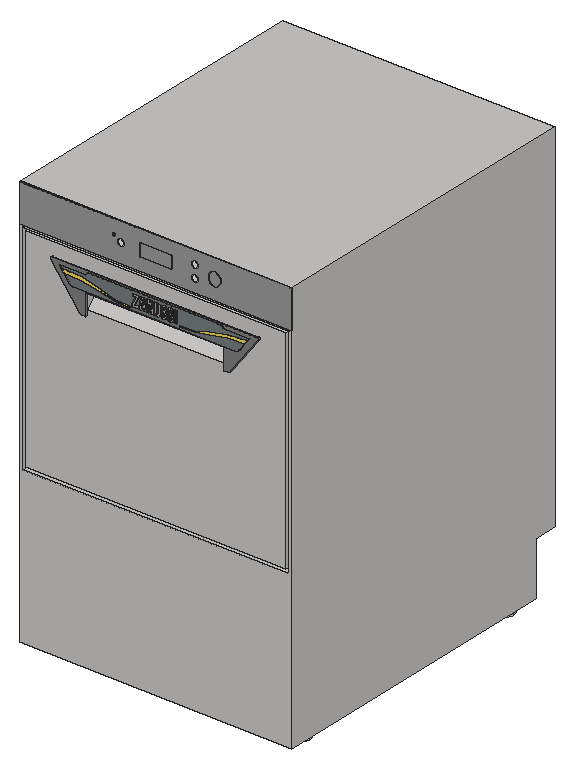
Revit family "QF_ZANUSSI_402191_ZTGWSG1S", category Attrezzature speciali, Revit 2021
Family settings
  Quota connettore circolare = Usa diametro
  Tipo di parte = Normale
  Basato su piano di lavoro = No
  Sempre verticale = Sì
  Taglio con vuoti quando caricato = No
  Condiviso = No
  Punto di calcolo locali = No
Parameters (values of type "Standard")
  Weight = 38.00 kg
  Watts = 2700 W
  Volts = 220 V
  URL Manufacturer = "http://www.zanussiprofessional.com"
  URL = "http://www.zanussiprofessional.com"
  Steam Supply Size = 0 mm
  Steam Supply Minimum Pressure = 0.0 Pa
  Steam Supply Maximum Pressure = 0.0 Pa
  Steam Consumption per Hour = 0
  Show Logo [instance] = yes
  Show Clearance [instance] = yes
  Refrigeration Suction Line Size = 0 mm
  Refrigeration Liquid Line Size = 0 mm
  Refrigerant Compressor Remote = yes
  Produttore = "Zanussi"
  Phase = 1
  Modello = "ZTGWSG1S"
  Length Actual = 455 mm  # constant formula
  Item Number = "402191"
  Hot Water Size = 0 mm
  Height Actual = 700 mm  # constant formula
  HP = "3.6 HP"
  Gas Size = 0 mm
  Gas KW = 0
  Gas Input Pressure = 0 W
  Direct Waste Size = 29 mm
  Descrizione = "UC GLASSWASHER (S), ELECTRONIC, SINGLE SKIN, PRESSURE, RINSE AID+DET.PUMP, DRAIN P, TANK FILTER, 40R/H, 230V/1/50,SCHUKO"
  Prospetto di default = 0 mm
  Depth Actual = 550 mm  # constant formula
  Cycle = 50 Hz
  Condensate Return Size = 0 mm
  Compressed Air Volume = 0.0 L/s
  Compressed Air Size = 0 mm
  Compressed Air Pressure = 0.0 Pa
  Cold Water Size = 19.05 mm
  Accessory = yes
Reference planes
  plane 1 "Center (Front/Back)": y = 0
  plane 2: z = 0
  plane 3 "Center (Left/Right)": x = 0
  plane 4 "LEFT": x = -227.5
  plane 5 "RIGHT": x = 227.5
  plane 6 "FRONT": y = -275
  plane 7 "BACK": y = 275
  plane 8: z = 700
  plane 9: z = 10
  plane 10: y = 236
  plane 11 "2": y = -274
Forms (mm)
  Extrusion 1, solid, material "QF_Finishes_Stainless Steel", detail levels medium+fine
    sketch origin (0, 0, 0) x (1, 0, 0) y (0, 1, 0)
      loop
        line (-227.5, -275) -> (227.5, -275) -> (227.5, 236) -> (-227.5, 236) -> (-227.5, -275)
    from 10 to 700
  Extrusion 2, solid, material "QF_Finishes_Stainless Steel", detail levels medium+fine
    sketch origin (0, 0, 0) x (1, 0, 0) y (0, 1, 0)
      loop
        line (-227.5, 236) -> (227.5, 236) -> (227.5, 275) -> (-227.5, 275) -> (-227.5, 236)
    from 100 to 700
  Extrusion 3, solid, material "QF_Finishes_Stainless Steel", detail levels fine
    sketch origin (0, 0, 0) x (1, 0, 0) y (0, 1, 0)
      loop
        circle (-208, 198) r 12.5
      loop
        circle (208, 198) r 12.5
      loop
        circle (-208, -228) r 12.5
      loop
        circle (208, -228) r 12.5
    from 0 to 10
  Extrusion 4, void
    sketch origin (-227.5, -275, 0) x (-1, 0, 0) y (0, 0, 1)
      loop
        line (-5, 634.145) -> (-450, 634.145) -> (-450, 270) -> (-5, 270) -> (-5, 634.145)
    from 0 to 30
  Extrusion 5, solid, material "QF_Finishes_Stainless Steel"
    sketch origin (-212, -392, 752) x (0, 0, -1) y (1, 0, 0)
      loop
        circle (693, 215.5) r 10
    from -628 to -667
  Extrusion 6, solid, material "QF_Finishes_Stainless Steel"
    sketch origin (-432.481, -392, 722) x (0, 0, -1) y (1, 0, 0)
      loop
        circle (663, 324.981) r 8
    from -628 to -667
  Extrusion 7, solid, material "QF_Finishes_Stainless Steel"
    sketch origin (-268, -392, 682.5) x (0, 0, -1) y (1, 0, 0)
      loop
        circle (663, 230.5) r 8
    from -628 to -667
  Extrusion 8, solid, material "QF_Finishes_Stainless Steel"
    sketch origin (-50.5, 508.026, -145.045) x (0, -1, 0) y (0, 0, 1)
      loop
        line (755.578, 774.145) -> (755.578, 420.045) -> (783.026, 420.045) -> (783.026, 774.145) -> (755.578, 774.145)
    from -268.245 to 167
  Extrusion 9, solid, material "QF_Finishes_Grey"
    sketch origin (1109.779, -277.6, -140) x (-1, 0, 0) y (0, 0, 1)
      loop
        line (1224.779, 677.936) -> (1231.15, 677.936)
        arc (1231.15, 677.936) -> (1234.782, 678.808) -> (1237.622, 681.234) r 8
        line (1237.622, 681.234) -> (1283.237, 744.017)
        arc (1283.237, 744.017) -> (1283.404, 746.136) -> (1281.591, 747.247) r 2.035
        line (1281.591, 747.247) -> (937.967, 747.247)
        arc (937.967, 747.247) -> (936.154, 746.136) -> (936.321, 744.017) r 2.035
        line (936.321, 744.017) -> (981.935, 681.234)
        arc (981.935, 681.234) -> (984.775, 678.808) -> (988.407, 677.936) r 8
        line (988.407, 677.936) -> (994.779, 677.936) -> (994.779, 712.928) -> (1224.779, 712.928) -> (1224.779, 677.936)
      loop
        line (1252.743, 719.058) -> (1268.137, 740.247) -> (1224.779, 740.247) -> (1221.329, 745.174) -> (998.229, 745.174) -> (994.779, 740.247) -> (951.42, 740.247) -> (966.815, 719.058)
        arc (966.815, 719.058) -> (970.365, 716.026) -> (974.905, 714.936) r 10
        line (974.905, 714.936) -> (1244.653, 714.936)
        arc (1244.653, 714.936) -> (1249.192, 716.026) -> (1252.743, 719.058) r 10
    from 2.6 to 0.6
  Extrusion 10, solid, material "QF_Door-Drawer Clearances", detail levels coarse
    sketch origin (-50.5, 469.81, -129.52) x (0, -1, 0) y (0, 0, 1)
      loop
        arc (1151.948, 404.52) -> (1007.811, 649.792) -> (744.81, 758.257) r 446.578
        line (744.81, 758.257) -> (744.81, 404.52) -> (1151.948, 404.52)
    from -268.245 to 167
  Extrusion 11, void
    sketch origin (680, -275, 0) x (-1, 0, 0) y (0, 0, 1)
      loop
        line (907.5, 700) -> (452.5, 700) -> (452.5, 635.697) -> (907.5, 635.697) -> (907.5, 700)
    from 0 to 1
  Extrusion 12, void
    sketch origin (-227.5, 0, 0) x (0, 1, 0) y (0, 0, 1)
      loop
        line (-275, 607.247) -> (-275, 546.753) -> (-254.506, 567.247) -> (-254.506, 607.247) -> (-275, 607.247)
    from 112.5 to 342.5
  Extrusion 13, solid, material "QF_Finishes_Zanussi_Dark Gray"
    sketch origin (1109.779, -277.552, -140) x (-1, 0, 0) y (0, 0, 1)
      loop
        arc (1244.653, 714.936) -> (1249.192, 716.026) -> (1252.743, 719.058) r 10
        line (1252.743, 719.058) -> (1261.069, 730.518)
        arc (1261.069, 730.518) -> (1231.688, 728.995) -> (1202.67, 724.145) r 258.665
        arc (1202.67, 724.145) -> (1177.172, 718.988) -> (1151.199, 717.527) r 181.648
        line (1151.199, 717.527) -> (1151.199, 719.365)
        arc (1151.199, 719.365) -> (1175.804, 720.821) -> (1199.739, 726.707) r 135.575
        arc (1199.739, 726.707) -> (1232.367, 734.852) -> (1265.915, 737.189) r 192.294
        line (1265.915, 737.189) -> (1268.137, 740.247) -> (1224.779, 740.247) -> (1221.329, 745.174) -> (998.229, 745.174) -> (994.779, 740.247) -> (951.42, 740.247) -> (953.642, 737.189)
        arc (953.642, 737.189) -> (987.19, 734.852) -> (1019.818, 726.707) r 192.294
        arc (1019.818, 726.707) -> (1043.754, 720.821) -> (1068.359, 719.365) r 135.575
        line (1068.359, 719.365) -> (1068.359, 717.527)
        arc (1068.359, 717.527) -> (1042.385, 718.988) -> (1016.887, 724.145) r 181.648
        arc (1016.887, 724.145) -> (987.869, 728.995) -> (958.489, 730.518) r 258.665
        line (958.489, 730.518) -> (966.815, 719.058)
        arc (966.815, 719.058) -> (970.365, 716.026) -> (974.905, 714.936) r 10
        line (974.905, 714.936) -> (1244.653, 714.936)
      loop
        line (1136.811, 720.343) -> (1147.298, 720.343) -> (1147.298, 724.376) -> (1141.536, 736.476) -> (1146.837, 736.361) -> (1146.837, 740.048) -> (1136.811, 740.048) -> (1136.811, 736.706) -> (1142.86, 724.376) -> (1136.811, 724.376) -> (1136.811, 720.343)
      loop
        line (1131.023, 727.718) -> (1129.87, 736.68) -> (1128.718, 727.718) -> (1131.023, 727.718)
      loop
        line (1132.06, 720.343) -> (1136.208, 720.343) -> (1132.636, 740.048) -> (1127.105, 740.048) -> (1123.417, 720.343) -> (1127.566, 720.343) -> (1128.142, 724.145) -> (1131.484, 724.145) -> (1132.06, 720.343)
      loop
        line (1122.906, 740.048) -> (1118.643, 740.048) -> (1115.301, 727.487) -> (1115.301, 740.048) -> (1111.613, 740.048) -> (1111.613, 720.343) -> (1115.992, 720.343) -> (1119.334, 733.364) -> (1119.334, 720.343) -> (1122.906, 720.343) -> (1122.906, 740.048)
      loop
        line (1110.691, 725.216) -> (1110.691, 740.048) -> (1106.658, 740.048) -> (1106.658, 725.067)
        arc (1106.658, 725.067) -> (1105.298, 724.191) -> (1104.238, 725.413) r 1.235
        line (1104.238, 725.413) -> (1104.238, 740.048) -> (1100.205, 740.048) -> (1100.205, 724.491)
        arc (1100.205, 724.491) -> (1105.762, 720.311) -> (1110.691, 725.216) r 5.31
      loop
        line (1092.714, 733.825) -> (1092.714, 735.968)
        arc (1092.714, 735.968) -> (1094.339, 737.106) -> (1095.477, 735.482) r 1.402
        arc (1095.477, 735.482) -> (1095.156, 734.577) -> (1094.558, 733.825) r 2.907
        line (1094.558, 733.825) -> (1090.138, 729.847)
        arc (1090.138, 729.847) -> (1088.719, 726.858) -> (1088.799, 723.55) r 7.142
        arc (1088.799, 723.55) -> (1093.224, 720.347) -> (1098.478, 721.843) r 6.254
        arc (1098.478, 721.843) -> (1099.59, 724.436) -> (1099.629, 727.257) r 7.254
        line (1099.629, 727.257) -> (1095.606, 727.257)
        arc (1095.606, 727.257) -> (1095.588, 726.763) -> (1095.606, 726.269) r 7.151
        arc (1095.606, 726.269) -> (1095.624, 725.746) -> (1095.606, 725.223) r 7.57
        arc (1095.606, 725.223) -> (1095.371, 724.481) -> (1094.824, 723.927) r 1.659
        arc (1094.824, 723.927) -> (1093.007, 724.341) -> (1092.814, 726.195) r 1.601
        arc (1092.814, 726.195) -> (1093.594, 727.256) -> (1094.598, 728.108) r 5.667
        line (1094.598, 728.108) -> (1096.297, 729.614)
        arc (1096.297, 729.614) -> (1097.81, 731.196) -> (1099.043, 733.005) r 13.293
        arc (1099.043, 733.005) -> (1099.229, 736.278) -> (1097.728, 739.192) r 6.231
        arc (1097.728, 739.192) -> (1094.047, 740.392) -> (1090.367, 739.192) r 6.244
        arc (1090.367, 739.192) -> (1089.114, 737.614) -> (1088.849, 735.617) r 3.784
        line (1088.849, 735.617) -> (1088.912, 733.825) -> (1092.714, 733.825)
      loop
        line (1081.221, 733.825) -> (1081.221, 735.968)
        arc (1081.221, 735.968) -> (1082.846, 737.106) -> (1083.984, 735.482) r 1.402
        arc (1083.984, 735.482) -> (1083.663, 734.577) -> (1083.065, 733.825) r 2.907
        line (1083.065, 733.825) -> (1078.645, 729.847)
        arc (1078.645, 729.847) -> (1077.226, 726.858) -> (1077.306, 723.55) r 7.142
        arc (1077.306, 723.55) -> (1081.731, 720.347) -> (1086.985, 721.843) r 6.254
        arc (1086.985, 721.843) -> (1088.097, 724.436) -> (1088.136, 727.257) r 7.254
        line (1088.136, 727.257) -> (1084.113, 727.257)
        arc (1084.113, 727.257) -> (1084.095, 726.763) -> (1084.113, 726.269) r 7.151
        arc (1084.113, 726.269) -> (1084.131, 725.746) -> (1084.113, 725.223) r 7.57
        arc (1084.113, 725.223) -> (1083.878, 724.481) -> (1083.331, 723.927) r 1.659
        arc (1083.331, 723.927) -> (1081.514, 724.341) -> (1081.321, 726.195) r 1.601
        arc (1081.321, 726.195) -> (1082.101, 727.256) -> (1083.105, 728.108) r 5.667
        line (1083.105, 728.108) -> (1084.804, 729.614)
        arc (1084.804, 729.614) -> (1086.317, 731.196) -> (1087.55, 733.005) r 13.293
        arc (1087.55, 733.005) -> (1087.736, 736.278) -> (1086.235, 739.192) r 6.231
        arc (1086.235, 739.192) -> (1082.554, 740.392) -> (1078.874, 739.192) r 6.244
        arc (1078.874, 739.192) -> (1077.621, 737.614) -> (1077.356, 735.617) r 3.784
        line (1077.356, 735.617) -> (1077.419, 733.825) -> (1081.221, 733.825)
      loop
        line (1076.581, 740.048) -> (1072.548, 740.048) -> (1072.548, 720.343) -> (1076.581, 720.343) -> (1076.581, 740.048)
    from 0 to 2.552
  Extrusion 14, solid, material "QF_Finishes_Zanussi_Soft Gray"
    sketch origin (1109.779, -277.552, -140) x (-1, 0, 0) y (0, 0, 1)
      loop
        line (1136.811, 720.252) -> (1147.298, 720.252) -> (1147.298, 724.286) -> (1141.536, 736.385) -> (1146.837, 736.27) -> (1146.837, 739.958) -> (1136.811, 739.958) -> (1136.811, 736.616) -> (1142.86, 724.286) -> (1136.811, 724.286) -> (1136.811, 720.252)
      loop
        line (1131.023, 727.627) -> (1129.87, 736.59) -> (1128.718, 727.627) -> (1131.023, 727.627)
      loop
        line (1132.06, 720.252) -> (1136.208, 720.252) -> (1132.636, 739.958) -> (1127.105, 739.958) -> (1123.417, 720.252) -> (1127.566, 720.252) -> (1128.142, 724.055) -> (1131.484, 724.055) -> (1132.06, 720.252)
      loop
        line (1122.906, 739.958) -> (1118.643, 739.958) -> (1115.301, 727.397) -> (1115.301, 739.958) -> (1111.613, 739.958) -> (1111.613, 720.252) -> (1115.992, 720.252) -> (1119.334, 733.274) -> (1119.334, 720.252) -> (1122.906, 720.252) -> (1122.906, 739.958)
      loop
        line (1110.691, 725.126) -> (1110.691, 739.958) -> (1106.658, 739.958) -> (1106.658, 724.977)
        arc (1106.658, 724.977) -> (1105.298, 724.1) -> (1104.238, 725.323) r 1.235
        line (1104.238, 725.323) -> (1104.238, 739.958) -> (1100.205, 739.958) -> (1100.205, 724.401)
        arc (1100.205, 724.401) -> (1105.762, 720.22) -> (1110.691, 725.126) r 5.31
      loop
        line (1092.714, 733.735) -> (1092.714, 735.878)
        arc (1092.714, 735.878) -> (1094.339, 737.016) -> (1095.477, 735.392) r 1.402
        arc (1095.477, 735.392) -> (1095.156, 734.486) -> (1094.558, 733.735) r 2.907
        line (1094.558, 733.735) -> (1090.138, 729.757)
        arc (1090.138, 729.757) -> (1088.719, 726.767) -> (1088.799, 723.46) r 7.142
        arc (1088.799, 723.46) -> (1093.224, 720.257) -> (1098.478, 721.753) r 6.254
        arc (1098.478, 721.753) -> (1099.59, 724.346) -> (1099.629, 727.167) r 7.254
        line (1099.629, 727.167) -> (1095.606, 727.167)
        arc (1095.606, 727.167) -> (1095.588, 726.672) -> (1095.606, 726.178) r 7.151
        arc (1095.606, 726.178) -> (1095.624, 725.655) -> (1095.606, 725.132) r 7.57
        arc (1095.606, 725.132) -> (1095.371, 724.39) -> (1094.824, 723.837) r 1.659
        arc (1094.824, 723.837) -> (1093.007, 724.251) -> (1092.814, 726.104) r 1.601
        arc (1092.814, 726.104) -> (1093.594, 727.165) -> (1094.598, 728.017) r 5.667
        line (1094.598, 728.017) -> (1096.297, 729.523)
        arc (1096.297, 729.523) -> (1097.81, 731.106) -> (1099.043, 732.915) r 13.293
        arc (1099.043, 732.915) -> (1099.229, 736.187) -> (1097.728, 739.101) r 6.231
        arc (1097.728, 739.101) -> (1094.047, 740.302) -> (1090.367, 739.101) r 6.244
        arc (1090.367, 739.101) -> (1089.114, 737.523) -> (1088.849, 735.526) r 3.784
        line (1088.849, 735.526) -> (1088.912, 733.735) -> (1092.714, 733.735)
      loop
        line (1081.221, 733.735) -> (1081.221, 735.878)
        arc (1081.221, 735.878) -> (1082.846, 737.016) -> (1083.984, 735.392) r 1.402
        arc (1083.984, 735.392) -> (1083.663, 734.486) -> (1083.065, 733.735) r 2.907
        line (1083.065, 733.735) -> (1078.645, 729.757)
        arc (1078.645, 729.757) -> (1077.226, 726.767) -> (1077.306, 723.46) r 7.142
        arc (1077.306, 723.46) -> (1081.731, 720.257) -> (1086.985, 721.753) r 6.254
        arc (1086.985, 721.753) -> (1088.097, 724.346) -> (1088.136, 727.167) r 7.254
        line (1088.136, 727.167) -> (1084.113, 727.167)
        arc (1084.113, 727.167) -> (1084.095, 726.672) -> (1084.113, 726.178) r 7.151
        arc (1084.113, 726.178) -> (1084.131, 725.655) -> (1084.113, 725.132) r 7.57
        arc (1084.113, 725.132) -> (1083.878, 724.39) -> (1083.331, 723.837) r 1.659
        arc (1083.331, 723.837) -> (1081.514, 724.251) -> (1081.321, 726.104) r 1.601
        arc (1081.321, 726.104) -> (1082.101, 727.165) -> (1083.105, 728.017) r 5.667
        line (1083.105, 728.017) -> (1084.804, 729.523)
        arc (1084.804, 729.523) -> (1086.317, 731.106) -> (1087.55, 732.915) r 13.293
        arc (1087.55, 732.915) -> (1087.736, 736.187) -> (1086.235, 739.101) r 6.231
        arc (1086.235, 739.101) -> (1082.554, 740.302) -> (1078.874, 739.101) r 6.244
        arc (1078.874, 739.101) -> (1077.621, 737.523) -> (1077.356, 735.526) r 3.784
        line (1077.356, 735.526) -> (1077.419, 733.735) -> (1081.221, 733.735)
      loop
        line (1076.581, 739.958) -> (1072.548, 739.958) -> (1072.548, 720.252) -> (1076.581, 720.252) -> (1076.581, 739.958)
    from 0 to 2.552
  Extrusion 15, solid, material "QF_Finishes_Zanussi_Yellow"
    sketch origin (1109.779, -277.552, -140) x (-1, 0, 0) y (0, 0, 1)
      loop
        line (1261.069, 730.518) -> (1265.915, 737.189)
        arc (1265.915, 737.189) -> (1232.367, 734.852) -> (1199.739, 726.707) r 192.294
        arc (1199.739, 726.707) -> (1175.804, 720.821) -> (1151.199, 719.365) r 135.575
        line (1151.199, 719.365) -> (1151.199, 717.527)
        arc (1151.199, 717.527) -> (1177.172, 718.988) -> (1202.67, 724.145) r 181.648
        arc (1202.67, 724.145) -> (1231.688, 728.995) -> (1261.069, 730.518) r 258.665
      loop
        line (953.642, 737.189) -> (958.489, 730.518)
        arc (958.489, 730.518) -> (987.869, 728.995) -> (1016.887, 724.145) r 258.665
        arc (1016.887, 724.145) -> (1042.385, 718.988) -> (1068.359, 717.527) r 181.648
        line (1068.359, 717.527) -> (1068.359, 719.365)
        arc (1068.359, 719.365) -> (1043.754, 720.821) -> (1019.818, 726.707) r 135.575
        arc (1019.818, 726.707) -> (987.19, 734.852) -> (953.642, 737.189) r 192.294
    from 0 to 2.552
Cuts and joins
  Extrusion 4, Extrusion 11, Extrusion 12 cuts Extrusion 1
  Extrusion 11, Extrusion 12 cuts Extrusion 2
  joined: Extrusion 1, Extrusion 2
  Extrusion 12 cuts Extrusion 8
  Extrusion 12 cuts Extrusion 9
  Extrusion 12 cuts Extrusion 10
Lines and regions (mm)
  symbolic lines
    curve 1: line (-227.5, 275, 0) -> (227.5, 275, 0)
    curve 2: line (-227.5, -275, 0) -> (-227.5, 275, 0)
    curve 3: line (227.5, -275, 0) -> (-227.5, -275, 0)
    curve 4: line (227.5, 275, 0) -> (227.5, -275, 0)
    curve 8: line (-222.5, -275, 0) -> (222.5, -275, 0)
    curve 9: line (-222.5, -245, 0) -> (-222.5, -275, 0)
    curve 10: line (222.5, -245, 0) -> (-222.5, -245, 0)
    curve 11: line (222.5, -275, 0) -> (222.5, -245, 0)
  symbolic lines, style "QF_Door-Drawer Clearances"
    curve 5: line (-217.5, -682.138, 0) -> (217.5, -682.138, 0)
    curve 6: line (217.5, -682.138, 0) -> (217.5, -275, 0)
    curve 7: line (-217.5, -682.138, 0) -> (-217.5, -275, 0)
  symbolic lines, style "SpecialityEquipmentHiddenLines"
    curve 12: line (-115, -254.506, 0) -> (115, -254.506, 0)
    curve 13: line (-115, -275, 0) -> (-115, -254.506, 0)
    curve 14: line (115, -254.506, 0) -> (115, -275, 0)
Dimensions and locks
  equal spacing: plane 4 "LEFT", plane 3 "Center (Left/Right)", plane 5 "RIGHT"
  equal spacing: plane 7 "BACK", plane 1 "Center (Front/Back)", plane 6 "FRONT"
  plane 7 "BACK" to plane 6 "FRONT" = 550 mm
  plane 4 "LEFT" to plane 5 "RIGHT" = 455 mm
  locked: plane 9 to level at 10
  plane 4 "LEFT" to plane 3 "Center (Left/Right)" = 227.5 mm
  plane 8 to level = 700 mm  (x2)
  level to Extrusion 7 sketch curve = 19.5 mm
  Extrusion 7 sketch curve to plane 4 "LEFT" = 190 mm
  level to Extrusion 5 sketch curve = 59 mm
  Extrusion 5 sketch curve to plane 4 "LEFT" = 231 mm
  Extrusion 6 sketch curve to plane 4 "LEFT" = 120 mm
  level to Extrusion 6 sketch curve = 59 mm
  Extrusion 3 to cut or joined group of Extrusion 1, Extrusion 2, Extrusion 4, Extrusion 11, Extrusion 12 = 77 mm
  Extrusion 3 to Extrusion 3 = 426 mm
  plane 6 "FRONT" to Extrusion 3 = 47 mm
  plane 1 "Center (Front/Back)" to plane 6 "FRONT" = 275 mm
  locked: plane 7 "BACK" to plane 10 at 39
  plane 6 "FRONT" to curve 5 = 407.138 mm
  aligned and locked: level to plane 2
  aligned and locked: Extrusion 1 sketch curve to plane 6 "FRONT"
  aligned and locked: Extrusion 1 sketch curve to plane 4 "LEFT"
  aligned and locked: plane 5 "RIGHT" to Extrusion 1 sketch curve
  aligned and locked: Extrusion 1 to plane 9
  aligned and locked: Extrusion 2 sketch curve to Extrusion 1
  aligned and locked: plane 7 "BACK" to Extrusion 2 sketch curve
  aligned and locked: plane 5 "RIGHT" to Extrusion 2 sketch curve
  aligned and locked: plane 9 to Extrusion 3
  aligned and locked: cut or joined group of Extrusion 1, Extrusion 2, Extrusion 4, Extrusion 11, Extrusion 12 to plane 10
Automatic sketch dimensions
  Extrusion 9 sketch curve to plane 8 = 95.983 mm  (x2)
  plane 4 "LEFT" to Extrusion 9 sketch curve = 400.958 mm
  Extrusion 9 sketch curve to Extrusion 9 sketch curve = 1.646 mm  (x2)
  Extrusion 9 sketch curve to Extrusion 9 sketch curve = 13.454 mm  (x2)
  Extrusion 9 sketch curve to plane 8 = 120.942 mm  (x2)
  Extrusion 9 sketch curve to Extrusion 9 sketch curve = 15.395 mm  (x2)
  Extrusion 9 sketch curve to Extrusion 9 sketch curve = 8.09 mm  (x2)
  Extrusion 9 sketch curve to plane 8 = 158.766 mm  (x2)
  Extrusion 9 sketch curve to Extrusion 9 sketch curve = 7.03 mm
  Extrusion 9 sketch curve to Extrusion 9 sketch curve = 6.472 mm  (x2)
  Extrusion 9 sketch curve to Extrusion 9 sketch curve = 19.874 mm  (x3)
  Extrusion 9 sketch curve to Extrusion 9 sketch curve = 3.45 mm  (x3)
  Extrusion 9 sketch curve to plane 8 = 94.826 mm
  Extrusion 9 sketch curve to Extrusion 9 sketch curve = 223.1 mm
  Extrusion 9 sketch curve to plane 8 = 162.064 mm
  Extrusion 9 sketch curve to plane 8 = 99.753 mm
  Extrusion 9 sketch curve to Extrusion 9 sketch curve = 6.371 mm
  Extrusion 9 sketch curve to Extrusion 9 sketch curve = 3.298 mm
  Extrusion 9 sketch curve to plane 8 = 127.072 mm
  Extrusion 9 sketch curve to Extrusion 9 sketch curve = 4.122 mm
  Extrusion 9 sketch curve to Extrusion 9 sketch curve = 3.77 mm
  Extrusion 9 sketch curve to Extrusion 9 sketch curve = 1.196 mm
  Extrusion 11 sketch curve to plane 8 = 0 mm
  Extrusion 11 sketch curve to plane 4 "LEFT" = 0 mm
  Extrusion 11 sketch curve to plane 5 "RIGHT" = 0 mm
  Extrusion 11 sketch curve to plane 8 = 64.303 mm
  Extrusion 12 sketch curve to plane 6 "FRONT" = 0 mm
  plane 11 "2" to Extrusion 12 sketch curve = 19.494 mm
  Extrusion 12 sketch curve to plane 8 = 132.753 mm
  Extrusion 12 sketch curve to Extrusion 12 sketch curve = 40 mm
  Extrusion 12 sketch curve to Extrusion 12 sketch curve = 20.494 mm
  Extrusion 1 sketch curve to plane 10 = 0 mm
  Extrusion 2 sketch curve to plane 10 = 0 mm
  plane 4 "LEFT" to Extrusion 3 sketch curve = 19.5 mm  (x2)
  Extrusion 3 sketch curve to plane 5 "RIGHT" = 19.5 mm  (x2)
  plane 11 "2" to Extrusion 3 sketch curve = 46 mm  (x2)
  Extrusion 3 sketch curve to plane 10 = 38 mm  (x2)
  Extrusion 4 sketch curve to Extrusion 1 = 5 mm  (x2)
  Extrusion 4 sketch curve to Extrusion 1 = 260 mm
  Extrusion 4 sketch curve to Extrusion 1 = 65.855 mm
  Extrusion 8 sketch curve to plane 6 "FRONT" = 0 mm
  plane 11 "2" to Extrusion 8 sketch curve = 26.448 mm
  plane 9 to Extrusion 8 sketch curve = 265 mm
  Extrusion 8 sketch curve to plane 8 = 70.9 mm
  Extrusion 10 sketch curve to plane 6 "FRONT" = 0 mm
  plane 11 "2" to Extrusion 10 sketch curve = 28.894 mm
  plane 9 to Extrusion 10 sketch curve = 265 mm
  Extrusion 10 sketch curve to Extrusion 10 sketch curve = 407.138 mm
  Extrusion 10 sketch curve to Extrusion 10 sketch curve = 91.839 mm
  curve 3 to plane 4 "LEFT" = 0 mm
  curve 9 to plane 6 "FRONT" = 0 mm
  curve 7 to plane 6 "FRONT" = 0 mm
  curve 1 to plane 5 "RIGHT" = 0 mm
  curve 2 to plane 7 "BACK" = 0 mm
  curve 2 to curve 9 = 5 mm
  plane 4 "LEFT" to curve 7 = 10 mm
  plane 11 "2" to curve 13 = 19.494 mm
  curve 7 to curve 13 = 102.5 mm
  curve 12 to plane 5 "RIGHT" = 112.5 mm
  curve 5 to plane 5 "RIGHT" = 10 mm
  curve 11 to plane 5 "RIGHT" = 5 mm
  plane 11 "2" to curve 11 = 29 mm
  Extrusion 13 sketch curve to plane 5 "RIGHT" = 69.141 mm
  Extrusion 13 sketch curve to Extrusion 13 sketch curve = 2.222 mm  (x2)
  Extrusion 13 sketch curve to plane 5 "RIGHT" = 74.83 mm
  Extrusion 13 sketch curve to Extrusion 13 sketch curve = 4.847 mm  (x2)
  Extrusion 13 sketch curve to plane 5 "RIGHT" = 77.531 mm
  Extrusion 13 sketch curve to Extrusion 13 sketch curve = 8.326 mm  (x2)
  Extrusion 13 sketch curve to Extrusion 13 sketch curve = 8.09 mm  (x2)
  Extrusion 13 sketch curve to Extrusion 13 sketch curve = 19.874 mm  (x2)
  Extrusion 13 sketch curve to Extrusion 13 sketch curve = 3.45 mm  (x2)
  plane 8 to Extrusion 13 sketch curve = 14.87 mm  (x2)
  plane 3 "Center (Left/Right)" to Extrusion 13 sketch curve = 45.748 mm
  Extrusion 13 sketch curve to Extrusion 13 sketch curve = 1.522 mm
  Extrusion 13 sketch curve to Extrusion 13 sketch curve = 70.13 mm
  Extrusion 13 sketch curve to Extrusion 13 sketch curve = 4.189 mm
  Extrusion 13 sketch curve to Extrusion 13 sketch curve = 3.439 mm
  Extrusion 13 sketch curve to Extrusion 13 sketch curve = 4.013 mm
  Extrusion 13 sketch curve to Extrusion 13 sketch curve = 0.595 mm
  Extrusion 13 sketch curve to Extrusion 13 sketch curve = 1.369 mm  (x2)
  Extrusion 13 sketch curve to Extrusion 13 sketch curve = 0.063 mm  (x2)
  Extrusion 13 sketch curve to Extrusion 13 sketch curve = 1.226 mm
  Extrusion 13 sketch curve to Extrusion 13 sketch curve = 4.44 mm
  Extrusion 13 sketch curve to Extrusion 13 sketch curve = 3.748 mm  (x2)
  Extrusion 13 sketch curve to Extrusion 13 sketch curve = 0.017 mm  (x2)
  Extrusion 13 sketch curve to Extrusion 13 sketch curve = 0.101 mm  (x2)
  Extrusion 13 sketch curve to Extrusion 13 sketch curve = 0.42 mm  (x2)
  Extrusion 13 sketch curve to Extrusion 13 sketch curve = 1.456 mm  (x2)
  Extrusion 13 sketch curve to Extrusion 13 sketch curve = 0.913 mm  (x2)
  Extrusion 13 sketch curve to Extrusion 13 sketch curve = 0.961 mm  (x2)
  Extrusion 13 sketch curve to Extrusion 13 sketch curve = 0.255 mm  (x2)
  Extrusion 13 sketch curve to Extrusion 13 sketch curve = 0.105 mm  (x2)
  Extrusion 13 sketch curve to Extrusion 13 sketch curve = 0.511 mm  (x3)
  Extrusion 13 sketch curve to Extrusion 13 sketch curve = 0.287 mm  (x2)
  Extrusion 13 sketch curve to Extrusion 13 sketch curve = 1.008 mm  (x2)
  Extrusion 13 sketch curve to Extrusion 13 sketch curve = 1.5 mm  (x2)
  Extrusion 13 sketch curve to Extrusion 13 sketch curve = 1.699 mm  (x2)
  Extrusion 13 sketch curve to Extrusion 13 sketch curve = 2.034 mm  (x2)
  Extrusion 13 sketch curve to Extrusion 13 sketch curve = 4.877 mm
  Extrusion 13 sketch curve to Extrusion 13 sketch curve = 1.808 mm
  Extrusion 13 sketch curve to Extrusion 13 sketch curve = 0.082 mm
  Extrusion 13 sketch curve to Extrusion 13 sketch curve = 2.002 mm
  Extrusion 13 sketch curve to Extrusion 13 sketch curve = 3.111 mm  (x2)
  Extrusion 13 sketch curve to Extrusion 13 sketch curve = 1.247 mm
  Extrusion 13 sketch curve to Extrusion 13 sketch curve = 4.023 mm
  Extrusion 13 sketch curve to Extrusion 13 sketch curve = 2.466 mm
  Extrusion 13 sketch curve to Extrusion 13 sketch curve = 4.033 mm  (x3)
  Extrusion 13 sketch curve to Extrusion 13 sketch curve = 1.158 mm
  Extrusion 13 sketch curve to Extrusion 13 sketch curve = 0.077 mm
  Extrusion 13 sketch curve to Extrusion 13 sketch curve = 2.42 mm
  Extrusion 13 sketch curve to Extrusion 13 sketch curve = 0.922 mm
  Extrusion 13 sketch curve to Extrusion 13 sketch curve = 3.687 mm
  Extrusion 13 sketch curve to Extrusion 13 sketch curve = 4.379 mm
  Extrusion 13 sketch curve to Extrusion 13 sketch curve = 3.342 mm  (x5)
  Extrusion 13 sketch curve to Extrusion 13 sketch curve = 3.572 mm  (x2)
  Extrusion 13 sketch curve to Extrusion 13 sketch curve = 4.198 mm
  Extrusion 13 sketch curve to Extrusion 13 sketch curve = 4.148 mm
  Extrusion 13 sketch curve to Extrusion 13 sketch curve = 0.576 mm  (x3)
  Extrusion 13 sketch curve to Extrusion 13 sketch curve = 2.766 mm  (x2)
  Extrusion 13 sketch curve to Extrusion 13 sketch curve = 2.305 mm
  Extrusion 13 sketch curve to Extrusion 13 sketch curve = 4.149 mm
  Extrusion 13 sketch curve to Extrusion 13 sketch curve = 0.603 mm
  Extrusion 13 sketch curve to Extrusion 13 sketch curve = 4.175 mm
  Extrusion 13 sketch curve to Extrusion 13 sketch curve = 4.725 mm
  Extrusion 13 sketch curve to Extrusion 13 sketch curve = 6.049 mm
  Extrusion 13 sketch curve to Extrusion 13 sketch curve = 5.301 mm
  Extrusion 13 sketch curve to Extrusion 13 sketch curve = 4.438 mm
  Extrusion 13 sketch curve to plane 3 "Center (Left/Right)" = 41.42 mm
  Extrusion 13 sketch curve to plane 3 "Center (Left/Right)" = 44.225 mm
  Extrusion 13 sketch curve to plane 3 "Center (Left/Right)" = 45.748 mm
  Extrusion 13 sketch curve to plane 3 "Center (Left/Right)" = 111.55 mm
  Extrusion 13 sketch curve to plane 3 "Center (Left/Right)" = 149.969 mm
  Extrusion 13 sketch curve to Extrusion 13 sketch curve = 2.701 mm
  Extrusion 13 sketch curve to plane 8 = 94.826 mm
  Extrusion 13 sketch curve to Extrusion 13 sketch curve = 4.927 mm  (x2)
  Extrusion 13 sketch curve to Extrusion 13 sketch curve = 5.126 mm
  Extrusion 13 sketch curve to Extrusion 13 sketch curve = 0 mm  (x14)
  Extrusion 13 sketch curve to Extrusion 13 sketch curve = 0.487 mm  (x2)
  Extrusion 13 sketch curve to Extrusion 13 sketch curve = 3.058 mm  (x2)
  Extrusion 13 sketch curve to Extrusion 13 sketch curve = 3.368 mm
  Extrusion 13 sketch curve to Extrusion 13 sketch curve = 0.231 mm
  Extrusion 13 sketch curve to Extrusion 13 sketch curve = 3.688 mm
  Extrusion 13 sketch curve to Extrusion 13 sketch curve = 3.426 mm
  Extrusion 13 sketch curve to Extrusion 13 sketch curve = 3.913 mm
  Extrusion 13 sketch curve to Extrusion 13 sketch curve = 0.149 mm  (x3)
  Extrusion 13 sketch curve to Extrusion 13 sketch curve = 0.018 mm  (x2)
  Extrusion 13 sketch curve to Extrusion 13 sketch curve = 0.243 mm  (x2)
  Extrusion 13 sketch curve to Extrusion 13 sketch curve = 0.369 mm  (x2)
  Extrusion 13 sketch curve to Extrusion 13 sketch curve = 0.986 mm  (x2)
  Extrusion 13 sketch curve to Extrusion 13 sketch curve = 0.835 mm  (x2)
  Extrusion 13 sketch curve to Extrusion 13 sketch curve = 0.322 mm  (x2)
  Extrusion 13 sketch curve to Extrusion 13 sketch curve = 1.791 mm  (x2)
  Extrusion 13 sketch curve to Extrusion 13 sketch curve = 6.684 mm
  Extrusion 13 sketch curve to Extrusion 13 sketch curve = 6.671 mm  (x2)
  Extrusion 13 sketch curve to Extrusion 13 sketch curve = 3.978 mm  (x2)
  Extrusion 13 sketch curve to Extrusion 13 sketch curve = 4.212 mm  (x2)
  Extrusion 13 sketch curve to Extrusion 13 sketch curve = 1.506 mm  (x2)
  Extrusion 13 sketch curve to Extrusion 13 sketch curve = 8.962 mm
  Extrusion 13 sketch curve to Extrusion 13 sketch curve = 5.877 mm
  Extrusion 13 sketch curve to Extrusion 13 sketch curve = 2.357 mm
  Extrusion 13 sketch curve to Extrusion 13 sketch curve = 0.851 mm
  Extrusion 13 sketch curve to Extrusion 13 sketch curve = 0.494 mm  (x2)
  Extrusion 13 sketch curve to Extrusion 13 sketch curve = 0.751 mm  (x2)
  Extrusion 13 sketch curve to Extrusion 13 sketch curve = 0.818 mm
  Extrusion 13 sketch curve to Extrusion 13 sketch curve = 0.562 mm
  Extrusion 13 sketch curve to Extrusion 13 sketch curve = 1.511 mm
  Extrusion 13 sketch curve to Extrusion 13 sketch curve = 0.199 mm
  Extrusion 13 sketch curve to Extrusion 13 sketch curve = 1.155 mm
  Extrusion 13 sketch curve to Extrusion 13 sketch curve = 0.195 mm
  Extrusion 13 sketch curve to Extrusion 13 sketch curve = 1.103 mm  (x2)
  Extrusion 13 sketch curve to Extrusion 13 sketch curve = 0.896 mm  (x2)
  Extrusion 13 sketch curve to Extrusion 13 sketch curve = 0.065 mm  (x2)
  Extrusion 13 sketch curve to Extrusion 13 sketch curve = 5.582 mm  (x2)
  Extrusion 13 sketch curve to Extrusion 13 sketch curve = 1.982 mm
  Extrusion 13 sketch curve to Extrusion 13 sketch curve = 1.101 mm
  Extrusion 13 sketch curve to Extrusion 13 sketch curve = 3.803 mm  (x2)
  Extrusion 13 sketch curve to Extrusion 13 sketch curve = 5.403 mm
  Extrusion 13 sketch curve to Extrusion 13 sketch curve = 7.145 mm
  Extrusion 13 sketch curve to Extrusion 13 sketch curve = 0.978 mm  (x2)
  Extrusion 13 sketch curve to Extrusion 13 sketch curve = 5.878 mm
  Extrusion 13 sketch curve to Extrusion 13 sketch curve = 1.838 mm  (x2)
  Extrusion 13 sketch curve to Extrusion 13 sketch curve = 170.01 mm  (x2)
  Extrusion 13 sketch curve to Extrusion 13 sketch curve = 73.069 mm  (x2)
  Extrusion 13 sketch curve to Extrusion 13 sketch curve = 44.283 mm  (x2)
  Extrusion 13 sketch curve to Extrusion 13 sketch curve = 0.745 mm  (x2)
  Extrusion 13 sketch curve to Extrusion 13 sketch curve = 0.619 mm  (x2)
  Extrusion 13 sketch curve to Extrusion 13 sketch curve = 1.244 mm
  Extrusion 13 sketch curve to Extrusion 13 sketch curve = 2.477 mm
  plane 3 "Center (Left/Right)" to Extrusion 14 sketch curve = 37.231 mm
  Extrusion 14 sketch curve to Extrusion 14 sketch curve = 3.439 mm
  Extrusion 14 sketch curve to Extrusion 14 sketch curve = 4.013 mm
  Extrusion 14 sketch curve to Extrusion 14 sketch curve = 0.595 mm
  Extrusion 14 sketch curve to Extrusion 14 sketch curve = 1.369 mm  (x2)
  Extrusion 14 sketch curve to Extrusion 14 sketch curve = 0.063 mm  (x2)
  Extrusion 14 sketch curve to Extrusion 14 sketch curve = 1.226 mm
  Extrusion 14 sketch curve to Extrusion 14 sketch curve = 4.44 mm
  Extrusion 14 sketch curve to Extrusion 14 sketch curve = 3.748 mm  (x2)
  Extrusion 14 sketch curve to Extrusion 14 sketch curve = 0.017 mm  (x2)
  Extrusion 14 sketch curve to Extrusion 14 sketch curve = 0.101 mm  (x2)
  Extrusion 14 sketch curve to Extrusion 14 sketch curve = 0.42 mm  (x2)
  Extrusion 14 sketch curve to Extrusion 14 sketch curve = 1.456 mm  (x2)
  Extrusion 14 sketch curve to Extrusion 14 sketch curve = 0.913 mm  (x2)
  Extrusion 14 sketch curve to Extrusion 14 sketch curve = 0.961 mm  (x2)
  Extrusion 14 sketch curve to Extrusion 14 sketch curve = 0.255 mm  (x2)
  Extrusion 14 sketch curve to Extrusion 14 sketch curve = 0.105 mm  (x2)
  Extrusion 14 sketch curve to Extrusion 14 sketch curve = 0.511 mm  (x3)
  Extrusion 14 sketch curve to Extrusion 14 sketch curve = 0.287 mm  (x2)
  Extrusion 14 sketch curve to Extrusion 14 sketch curve = 1.008 mm  (x2)
  Extrusion 14 sketch curve to Extrusion 14 sketch curve = 1.5 mm  (x2)
  Extrusion 14 sketch curve to Extrusion 14 sketch curve = 1.699 mm  (x2)
  Extrusion 14 sketch curve to Extrusion 14 sketch curve = 2.034 mm  (x2)
  Extrusion 14 sketch curve to Extrusion 14 sketch curve = 4.877 mm
  Extrusion 14 sketch curve to Extrusion 14 sketch curve = 1.808 mm
  Extrusion 14 sketch curve to Extrusion 14 sketch curve = 0.082 mm
  Extrusion 14 sketch curve to Extrusion 14 sketch curve = 2.002 mm
  Extrusion 14 sketch curve to Extrusion 14 sketch curve = 3.111 mm  (x2)
  Extrusion 14 sketch curve to Extrusion 14 sketch curve = 1.247 mm
  Extrusion 14 sketch curve to Extrusion 14 sketch curve = 4.023 mm
  Extrusion 14 sketch curve to Extrusion 14 sketch curve = 2.466 mm
  Extrusion 14 sketch curve to Extrusion 14 sketch curve = 4.033 mm  (x4)
  Extrusion 14 sketch curve to Extrusion 14 sketch curve = 1.158 mm
  Extrusion 14 sketch curve to Extrusion 14 sketch curve = 0.077 mm
  Extrusion 14 sketch curve to Extrusion 14 sketch curve = 2.42 mm
  Extrusion 14 sketch curve to Extrusion 14 sketch curve = 0.922 mm
  Extrusion 14 sketch curve to Extrusion 14 sketch curve = 3.687 mm
  Extrusion 14 sketch curve to Extrusion 14 sketch curve = 4.379 mm
  Extrusion 14 sketch curve to Extrusion 14 sketch curve = 3.342 mm  (x3)
  Extrusion 14 sketch curve to Extrusion 14 sketch curve = 4.264 mm
  Extrusion 14 sketch curve to Extrusion 14 sketch curve = 4.198 mm
  Extrusion 14 sketch curve to Extrusion 14 sketch curve = 4.148 mm
  Extrusion 14 sketch curve to Extrusion 14 sketch curve = 0.576 mm  (x4)
  Extrusion 14 sketch curve to Extrusion 14 sketch curve = 2.766 mm  (x2)
  Extrusion 14 sketch curve to Extrusion 14 sketch curve = 2.305 mm
  Extrusion 14 sketch curve to Extrusion 14 sketch curve = 4.149 mm
  Extrusion 14 sketch curve to Extrusion 14 sketch curve = 0.603 mm
  Extrusion 14 sketch curve to Extrusion 14 sketch curve = 4.175 mm
  Extrusion 14 sketch curve to Extrusion 14 sketch curve = 4.725 mm
  Extrusion 14 sketch curve to Extrusion 14 sketch curve = 6.049 mm
  Extrusion 14 sketch curve to Extrusion 14 sketch curve = 5.301 mm
  Extrusion 14 sketch curve to Extrusion 14 sketch curve = 4.438 mm
  Extrusion 14 sketch curve to plane 8 = 119.748 mm
  Extrusion 14 sketch curve to Extrusion 14 sketch curve = 0 mm  (x17)
  Extrusion 14 sketch curve to Extrusion 14 sketch curve = 3.048 mm
  Extrusion 14 sketch curve to Extrusion 14 sketch curve = 3.803 mm
  Extrusion 14 sketch curve to Extrusion 14 sketch curve = 1.101 mm
  Extrusion 14 sketch curve to Extrusion 14 sketch curve = 0.149 mm  (x3)
  Extrusion 14 sketch curve to Extrusion 14 sketch curve = 1.947 mm  (x2)
  Extrusion 14 sketch curve to Extrusion 14 sketch curve = 0.035 mm  (x2)
  Extrusion 14 sketch curve to Extrusion 14 sketch curve = 0.065 mm  (x2)
  Extrusion 14 sketch curve to Extrusion 14 sketch curve = 5.403 mm
  Extrusion 14 sketch curve to Extrusion 14 sketch curve = 2.355 mm
  Extrusion 14 sketch curve to Extrusion 14 sketch curve = 0.607 mm  (x2)
  Extrusion 14 sketch curve to Extrusion 14 sketch curve = 1.103 mm  (x2)
  Extrusion 14 sketch curve to Extrusion 14 sketch curve = 0.818 mm
  Extrusion 14 sketch curve to Extrusion 14 sketch curve = 1.35 mm
  Extrusion 14 sketch curve to Extrusion 14 sketch curve = 1.511 mm
  Extrusion 14 sketch curve to Extrusion 14 sketch curve = 0.751 mm
  Extrusion 14 sketch curve to Extrusion 14 sketch curve = 2.271 mm
  Extrusion 14 sketch curve to Extrusion 14 sketch curve = 3.572 mm
  Extrusion 14 sketch curve to Extrusion 14 sketch curve = 0.851 mm  (x2)
  Extrusion 14 sketch curve to Extrusion 14 sketch curve = 1.506 mm  (x2)
  Extrusion 14 sketch curve to Extrusion 14 sketch curve = 2.59 mm
  Extrusion 14 sketch curve to Extrusion 14 sketch curve = 3.652 mm
  Extrusion 14 sketch curve to Extrusion 14 sketch curve = 5.877 mm
  Extrusion 14 sketch curve to Extrusion 14 sketch curve = 3.978 mm  (x2)
  Extrusion 14 sketch curve to Extrusion 14 sketch curve = 4.212 mm
  Extrusion 14 sketch curve to Extrusion 14 sketch curve = 0.322 mm  (x2)
  Extrusion 14 sketch curve to Extrusion 14 sketch curve = 1.157 mm  (x2)
  Extrusion 14 sketch curve to Extrusion 14 sketch curve = 1.791 mm  (x2)
  Extrusion 14 sketch curve to Extrusion 14 sketch curve = 0.743 mm  (x2)
  Extrusion 14 sketch curve to Extrusion 14 sketch curve = 0.986 mm  (x2)
  Extrusion 14 sketch curve to Extrusion 14 sketch curve = 0.018 mm  (x2)
  Extrusion 14 sketch curve to Extrusion 14 sketch curve = 11.985 mm
  Extrusion 14 sketch curve to Extrusion 14 sketch curve = 0.115 mm
  Extrusion 14 sketch curve to Extrusion 14 sketch curve = 8.962 mm
  Extrusion 14 sketch curve to Extrusion 14 sketch curve = 0.231 mm
  Extrusion 14 sketch curve to Extrusion 14 sketch curve = 0.37 mm  (x2)
  Extrusion 14 sketch curve to Extrusion 14 sketch curve = 6.684 mm
  Extrusion 14 sketch curve to Extrusion 14 sketch curve = 3.688 mm
  Extrusion 14 sketch curve to Extrusion 14 sketch curve = 0.487 mm
  Extrusion 14 sketch curve to Extrusion 14 sketch curve = 0.745 mm  (x2)
  Extrusion 14 sketch curve to Extrusion 14 sketch curve = 0.619 mm  (x2)
  Extrusion 14 sketch curve to Extrusion 14 sketch curve = 1.244 mm
  Extrusion 14 sketch curve to Extrusion 14 sketch curve = 2.477 mm
  Extrusion 15 sketch curve to plane 5 "RIGHT" = 71.363 mm
  Extrusion 15 sketch curve to plane 5 "RIGHT" = 74.83 mm
  Extrusion 15 sketch curve to Extrusion 15 sketch curve = 4.847 mm  (x2)
  Extrusion 15 sketch curve to plane 5 "RIGHT" = 77.531 mm
  plane 8 to Extrusion 15 sketch curve = 14.87 mm  (x2)
  plane 3 "Center (Left/Right)" to Extrusion 15 sketch curve = 45.748 mm
  Extrusion 15 sketch curve to Extrusion 15 sketch curve = 1.522 mm
  plane 3 "Center (Left/Right)" to Extrusion 15 sketch curve = 41.42 mm
  Extrusion 15 sketch curve to plane 3 "Center (Left/Right)" = 41.42 mm
  Extrusion 15 sketch curve to plane 3 "Center (Left/Right)" = 44.225 mm
  Extrusion 15 sketch curve to plane 3 "Center (Left/Right)" = 45.748 mm
  Extrusion 15 sketch curve to plane 3 "Center (Left/Right)" = 149.969 mm
  Extrusion 15 sketch curve to plane 3 "Center (Left/Right)" = 151.29 mm
  Extrusion 15 sketch curve to Extrusion 15 sketch curve = 2.701 mm
  Extrusion 15 sketch curve to plane 8 = 102.811 mm  (x2)
  Extrusion 15 sketch curve to Extrusion 15 sketch curve = 6.671 mm  (x2)
  Extrusion 15 sketch curve to Extrusion 15 sketch curve = 11.153 mm
  Extrusion 15 sketch curve to Extrusion 15 sketch curve = 0 mm
  Extrusion 15 sketch curve to Extrusion 15 sketch curve = 1.838 mm  (x2)
  Extrusion 15 sketch curve to Extrusion 15 sketch curve = 185.593 mm  (x2)
  Extrusion 15 sketch curve to Extrusion 15 sketch curve = 73.069 mm  (x2)
  Extrusion 15 sketch curve to Extrusion 15 sketch curve = 44.283 mm  (x2)
  radius of Extrusion 5 sketch curve = 10 mm
  radius of Extrusion 6 sketch curve = 8 mm
  radius of Extrusion 7 sketch curve = 8 mm
  radius of Extrusion 3 sketch curve = 12.5 mm  (x4)
Nested families
  nested 1: "GW_ControlPanel" at (-0.368, -274.5, 667.849), type "GW_ControlPanel"
Connectors
  piping at (3.5, 275, 59), diameter 29, driven by "Direct Waste Size"
    settings: on Extrusion 5, index 1, connector inside diameter 609.6 mm, connector length 0 mm, flow factor 0, pipe flow 0.0 L/s, pressure drop 0.0 Pa, fitting loss kfactor 0, connector angle 0.00°, fixture units 0, engagement length 0 mm, angle of deflection 0.00°, flow configuration 1, flow direction 1, fitting loss method 0, system type 16, joint type 0, gender type 0, connector reference index -1, connector utility 0, adjustable connector no, is connector primary yes, connector description "Drain"
  piping at (-107.5, 275, 59), diameter 19.05, driven by "Cold Water Size"
    settings: on Extrusion 6, index 3, connector inside diameter 609.6 mm, connector length 0 mm, flow factor 0, pipe flow 0.0 L/s, pressure drop 0.0 Pa, fitting loss kfactor 0, connector angle 0.00°, fixture units 0, engagement length 0 mm, angle of deflection 0.00°, flow configuration 1, flow direction 1, fitting loss method 0, system type 20, joint type 0, gender type 0, connector reference index -1, connector utility 0, adjustable connector no, is connector primary no, connector description "Cold Water Inlet"
  electrical at (-37.5, 275, 19.5), driven by "Volts"
    settings: on Extrusion 7, index 4, voltage 220 V, apparent load 0 VA, apparent load phase1 0 VA, apparent load phase2 0 VA, apparent load phase3 0 VA, power factor 1, load classification "Altro", number of poles 1, system type 31, power factor state 1, is connector primary yes, connector utility no, sub classification motor no, connector description "Electrical Connection"
Definition of nested family "GW_ControlPanel"
  Parameters (values of type "GW_ControlPanel")
    Default Elevation = 0 mm
  Reference planes
    plane 1 "Center (Front/Back)": y = 0
    plane 2: z = 0
    plane 3 "Center (Left/Right)": x = 0
  Forms (mm)
    Extrusion 1, solid
      sketch origin (1.418, 0.5, 0) x (1, 0, 0) y (0, 0, 1)
        loop
          line (-228.55, 32.151) -> (-228.55, -32.151) -> (226.45, -32.151) -> (226.45, 32.151) -> (-228.55, 32.151)
      from 0 to 1
    Extrusion 2, void
      sketch origin (0.368, 0.5, 0) x (1, 0, 0) y (0, 0, 1)
        loop
          circle (-70.471, 8.3) r 2
      from 0 to 1
    Extrusion 3, void
      sketch origin (0.368, 0.5, 0) x (1, 0, 0) y (0, 0, 1)
        loop
          circle (98.35, 0) r 10.499
      from 0 to 1
    Extrusion 4, void
      sketch origin (0.368, 0.5, 0) x (1, 0, 0) y (0, 0, 1)
        loop
          line (25.514, 10.5) -> (-25.514, 10.5)
          arc (-25.514, 10.5) -> (-26.207, 10.207) -> (-26.501, 9.514) r 1.001
          line (-26.501, 9.514) -> (-26.501, -9.514)
          arc (-26.501, -9.514) -> (-26.207, -10.207) -> (-25.514, -10.5) r 1.001
          line (-25.514, -10.5) -> (25.514, -10.5)
          arc (25.514, -10.5) -> (26.207, -10.206) -> (26.499, -9.513) r 1.001
          line (26.499, -9.513) -> (26.499, 9.513)
          arc (26.499, 9.513) -> (26.207, 10.206) -> (25.514, 10.5) r 1.001
      from 0 to 1
    Extrusion 5, void
      sketch origin (0.368, 0.5, 0) x (1, 0, 0) y (0, 0, 1)
        loop
          circle (-58.501, 0) r 5
      from 0 to 1
    Extrusion 6, solid
      sketch origin (0.368, 0.5, 0) x (1, 0, 0) y (0, 0, 1)
        loop
          circle (-58.501, 0) r 5
      from 0 to 1
    Extrusion 7, solid
      sketch origin (0.368, 0.5, 0) x (1, 0, 0) y (0, 0, 1)
        loop
          circle (-70.471, 8.3) r 2
      from 0 to 1
    Extrusion 8, solid
      sketch origin (0.368, 0.5, 0) x (1, 0, 0) y (0, 0.000001, 1)
        loop
          circle (98.35, 0) r 10.499
      from 0 to 1
    Extrusion 9, void
      sketch origin (0.368, 0.5, 0) x (1, 0, 0) y (0, 0, 1)
        loop
          circle (65.501, 10.339) r 5
        loop
          circle (65.501, -10.339) r 5
      from 0 to 1
    Extrusion 10, solid
      sketch origin (0.368, 0.5, 0) x (1, 0, 0) y (0, 0.000001, 1)
        loop
          circle (65.501, 10.339) r 5
        loop
          circle (65.501, -10.339) r 5
      from 0 to 1
    Extrusion 11, solid
      sketch origin (0.368, 0.5, 0) x (1, 0, 0) y (0, 0, 1)
        loop
          line (25.514, 10.5) -> (-25.514, 10.5)
          arc (-25.514, 10.5) -> (-26.207, 10.207) -> (-26.501, 9.514) r 1.001
          line (-26.501, 9.514) -> (-26.501, -9.514)
          arc (-26.501, -9.514) -> (-26.207, -10.207) -> (-25.514, -10.5) r 1.001
          line (-25.514, -10.5) -> (25.514, -10.5)
          arc (25.514, -10.5) -> (26.207, -10.206) -> (26.499, -9.513) r 1.001
          line (26.499, -9.513) -> (26.499, 9.513)
          arc (26.499, 9.513) -> (26.207, 10.206) -> (25.514, 10.5) r 1.001
      from 0 to 1
  Cuts and joins
    Extrusion 2, Extrusion 3, Extrusion 4, Extrusion 5, Extrusion 9 cuts Extrusion 1
  Dimensions and locks
    aligned and locked: level to plane 2
